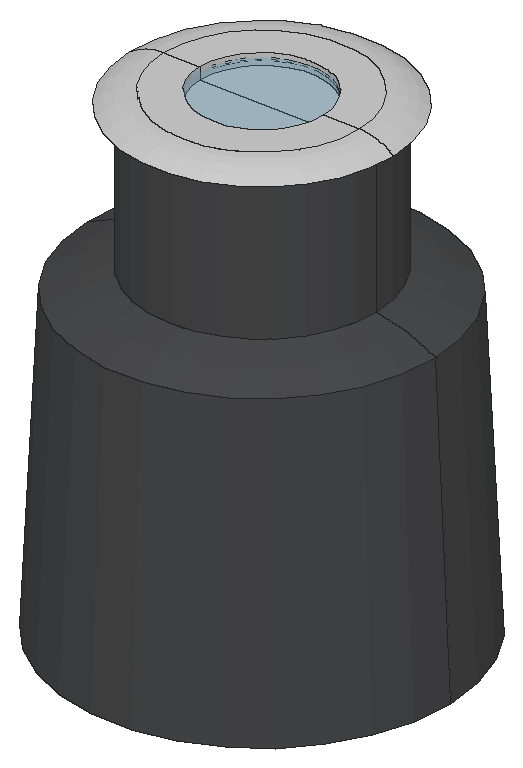
Revit family "INGROUND 2W ASIMETRICA_LKC0116WW", category Luminarias, Revit 2019
Family settings
  Cota de conector redondo = Diámetro de uso
  Tipo de pieza = Normal
  Se basa en plano de trabajo = Sí
  Siempre vertical = No
  Corte con vacíos al cargar = No
  Origen de luz = Sí
  Compartido = No
  Punto de cálculo de habitación = No
Parameters (values of type "EMP_LKC0116WW")
  Ángulo de inclinación = 30.00°
  Zone [instance] = ""
  Watt per fixture = 3
  Wattage = 3 W
  built-in parameter 1150107 = 3000 (stored number, unit not read)
  built-in parameter 1150110 = 1 (stored number, unit not read)
  built-in parameter 1150109 = 1 (stored number, unit not read)
  built-in parameter 1150112 = 1 (stored number, unit not read)
  built-in parameter 1150113 = 1 (stored number, unit not read)
  built-in parameter 1114218 = 1 (stored number, unit not read)
  Keynote = ""
  built-in parameter 1150137 = (empty or 0)
  built-in parameter 1150132 = (empty or 0)
  Modelo = "LKC0116WW"
  Lámpara = "OSRAM"
  built-in parameter 1150105 = 34.139 (stored number, unit not read)
  built-in parameter 1150102 = (empty or 0)
  built-in parameter 1150106 = 0.34139 (stored number, unit not read)
  Lumens = 429 lm
  Color Filter = 16777215
  built-in parameter 1114217 = 1 (stored number, unit not read)
  built-in parameter 1150139 = (empty or 0)
  Fabricante = "BRILLANT"
  Default Elevation = 0 mm
  built-in parameter 1150104 = 13.285 (stored number, unit not read)
  Descripción = "LUMINARIA TIPO CIRCULAR PARA EMPOTRAR EN PISO CON CUERPO DE ALUMINIO FUNDIDO A PRESION CUBIERTO CON POLVO GRIS OSCURO, CON CUBIERTA DE ACERO INOXIDABLE Y VIDRIO TEMPLADO DE 7MM, HOUSING TIPO ABS DE 48MM DE DIAMETRO Y 98MM DE PROFUNDO. CUENTA CON 1 LED OSRAM CON UNA POTENCIA TOTAL DE 3W, A UNA TEMPERATURA EN BLANCO CALIDO DE 3000K CON 130 LUMENES, 47mA EN CORRIENTE DE OPERACIÓN, IP67, IK08, IRC 80, DISPONIBLE PARA ATENUAR EN TRIAC (OPCIONAL), APERTURA ASIMETRICA DE 45/35 GRADOS EN STOCK, ALIMENTADA A 100-240V"
  built-in parameter 1150115 = 1 (stored number, unit not read)
  built-in parameter 1150114 = 1 (stored number, unit not read)
  Comentarios de vataje = "100-240V"
  built-in parameter 1150138 = (empty or 0)
  built-in parameter 1150134 = (empty or 0)
  Circuit [instance] = ""
  Dimming Lamp Color Temperature Shift = (empty or 0)
  Archivo de red fotométrica = "LKC0116WW.IES"
  built-in parameter 1150133 = 10 (stored number, unit not read)
Types (2, lengths in mm): name | Wattage | built-in parameter 1150132 | Modelo | Lámpara | built-in parameter 1150105 | built-in parameter 1150106 | Lumens | built-in parameter 1150104 | Descripción | Comentarios de vataje | Archivo de red fotométrica
  SUB_LKSC01WW.30 | 0.774192 W | 2 | "LKSC01WW.30" | "Osram" | 9.1514 (stored number, unit not read) | 0.091514 (stored number, unit not read) | 115 lm | 13.8 (stored number, unit not read) | "LUMINARIA SUB ACUATICA TIPO PUNTUAL PARA EMPOTRAR EN PISO 68.5MM DE DIAMETRO POR 135MM DE ALTO CONSIDERANDO EL HOUSING, ACABADO EN ACERO INOXIDABLE, CUERPO MOLDEADO EN CROMO, SELLO DE SILICON, VIDRIO TEMPLADO DE 7MM, 1 LED TIPO OSRAM CON UN CONSUMO TOTAL DE 3 W, 115 LUMENES, CON UNA TEMPERATURA EN BLANCO CALIDO 3000K , IP 68, IK 08, SUMERGIBLE MAXIMO 2M, CABLE H07RN DE 3M, APERTURA EN STOCK A 30 GRADOS, ALIMENTADA A 24V. REQUIERE ACCESORIOS." | "24" | "generic"
  EMP_LKC0116WW | 3 W | (empty or 0) | "LKC0116WW" | "OSRAM" | 34.139 (stored number, unit not read) | 0.34139 (stored number, unit not read) | 429 lm | 13.285 (stored number, unit not read) | "LUMINARIA TIPO CIRCULAR PARA EMPOTRAR EN PISO CON CUERPO DE ALUMINIO FUNDIDO A PRESION CUBIERTO CON POLVO GRIS OSCURO, CON CUBIERTA DE ACERO INOXIDABLE Y VIDRIO TEMPLADO DE 7MM, HOUSING TIPO ABS DE 48MM DE DIAMETRO Y 98MM DE PROFUNDO. CUENTA CON 1 LED OSRAM CON UNA POTENCIA TOTAL DE 3W, A UNA TEMPERATURA EN BLANCO CALIDO DE 3000K CON 130 LUMENES, 47mA EN CORRIENTE DE OPERACIÓN, IP67, IK08, IRC 80, DISPONIBLE PARA ATENUAR EN TRIAC (OPCIONAL), APERTURA ASIMETRICA DE 45/35 GRADOS EN STOCK, ALIMENTADA A 100-240V" | "100-240V" | "LKC0116WW.IES"
Reference planes
  plane 1 "Centro (Frontal/Posterior)": y = 0
  plane 2: z = 0
  plane 3 "Centro (Izquierda/Derecha)": x = 0
  plane 4: z = -98
  plane 5: x = -653.678
  plane 6: x = 600
  plane 7: z = -77
  plane 8: z = -80
  plane 9: z = -35
Forms (mm)
  Revolve 1, solid, material "Acero Inoxidable"
    sketch origin (0, 0, 0) x (1, 0, 0) y (0, 0, 1)
      loop
        line (-12.813, 2.379) -> (-20.307, 2.379)
        arc (-20.307, 2.379) -> (-24.095, 1.769) -> (-27.5, 0) r 12.065
        line (-27.5, 0) -> (-15.59, 0) -> (-15.59, -8.098)
        arc (-15.59, -8.098) -> (-14.091, -9.597) -> (-15.59, -11.095) r 1.499
        line (-15.59, -11.095) -> (-15.59, -19.348)
        arc (-15.59, -19.348) -> (-14.091, -20.847) -> (-15.59, -22.345) r 1.499
        line (-15.59, -22.345) -> (-15.59, -24.348)
        arc (-15.59, -24.348) -> (-14.091, -25.847) -> (-15.59, -27.345) r 1.499
        line (-15.59, -27.345) -> (-15.59, -80.004) -> (0, -80.004) -> (0, 0) -> (-12.813, 0) -> (-12.813, 2.379)
      axis (0, 2.379) -> (0, -80.004)
    angle from 0 to 360
  Extrusion 2, solid, material "Cristal"
    sketch origin (0, 0, 0) x (1, 0, 0) y (0, 1, 0)
      loop
        circle (0, 0) r 12.813
    from 0.921 to 1.499
  Extrusion 3, solid, material "Plastico"
    sketch origin (0, 0, 0) x (1, 0, 0) y (0, 1, 0)
      loop
        circle (0, 0) r 5
    from -82.702 to -80.004
  Revolve 4, solid, material "Plastico"
    sketch origin (0, 0, 0) x (1, 0, 0) y (0, 0, 1)
      loop
        line (-20.611, -0.047) -> (-24, -0.047) -> (-24, -30.282)
        arc (-24, -30.282) -> (-30.248, -32.029) -> (-36.19, -34.633) r 46.304
        line (-36.19, -34.633) -> (-39.253, -98) -> (0, -98) -> (0, -95.6) -> (-29.843, -95.6) -> (-29.843, -39.979)
        arc (-29.843, -39.979) -> (-25.307, -38.266) -> (-20.611, -37.064) r 43.904
        line (-20.611, -37.064) -> (-20.611, -0.047)
      axis (0, -0.047) -> (0, -98)
    angle from 0 to 360
Dimensions and locks
  plane 2 to plane 4 = 98 mm
  level to plane 4 = 98 mm
  level to plane 7 = 77 mm
  plane 2 to plane 8 = 80 mm
  level to plane 9 = 35 mm
  plane 3 "Centro (Izquierda/Derecha)" to Revolve 4 sketch curve = 24 mm
  plane 3 "Centro (Izquierda/Derecha)" to Revolve 1 sketch curve = 27.5 mm
  aligned and locked: level to plane 2
Connectors
  electrical at (0, 0, -98)
    settings: on Revolve 4, index 1, voltage 240 V, apparent load 0 VA, apparent load phase1 0 VA, apparent load phase2 0 VA, apparent load phase3 0 VA, power factor 1, load classification "Otro", number of poles 1, system type 31, power factor state 1, is connector primary yes, connector utility no, sub classification motor no, connector description ""
